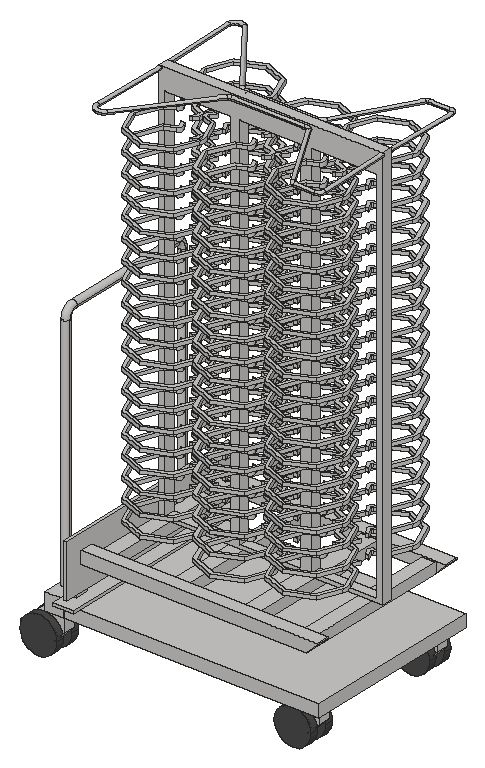
Revit family "QF_ELECTROLUXPROFESSIONAL_922764_TRBA116PL2021C", category Attrezzature speciali, Revit 2020 (continued)
Automatic sketch dimensions
  Extrusion 111 sketch curve to Extrusion 111 sketch curve = 2.378 mm
  Extrusion 111 sketch curve to Extrusion 111 sketch curve = 2.721 mm
  Extrusion 111 sketch curve to Extrusion 111 sketch curve = 1.609 mm
  Extrusion 111 sketch curve to plane 223 = 0.677 mm
  Extrusion 111 sketch curve to plane 224 = 81.177 mm
  Extrusion 111 sketch curve to Extrusion 111 sketch curve = 34.52 mm
  plane 15 to Extrusion 111 sketch curve = 23.461 mm
  Extrusion 111 sketch curve to Extrusion 111 sketch curve = 0.634 mm
  plane 15 to Extrusion 111 sketch curve = 12.859 mm
  Extrusion 111 sketch curve to Extrusion 111 sketch curve = 5.47 mm  (x2)
  Extrusion 111 sketch curve to plane 24 = 44.113 mm
  Extrusion 111 sketch curve to Extrusion 111 sketch curve = 7.067 mm
  Extrusion 111 sketch curve to plane 223 = 1.889 mm
  Extrusion 111 sketch curve to Extrusion 111 sketch curve = 33.003 mm
  Extrusion 111 sketch curve to plane 223 = 16.292 mm
  Extrusion 111 sketch curve to Extrusion 111 sketch curve = 3.823 mm
  plane 223 to Extrusion 111 sketch curve = 14.321 mm
  Extrusion 111 sketch curve to Extrusion 111 sketch curve = 0.26 mm
  Extrusion 111 sketch curve to Extrusion 111 sketch curve = 0.931 mm
  Extrusion 111 sketch curve to Extrusion 111 sketch curve = 14.355 mm
  Extrusion 111 sketch curve to Extrusion 111 sketch curve = 8.956 mm
  plane 223 to Extrusion 111 sketch curve = 16.292 mm
  Extrusion 111 sketch curve to plane 15 = 12.573 mm
  Extrusion 111 sketch curve to Extrusion 111 sketch curve = 10.291 mm
  Extrusion 112 sketch curve to plane 225 = 0 mm
  plane 23 to Extrusion 112 sketch curve = 0 mm  (x2)
  Extrusion 112 sketch curve to plane 226 = 0 mm
  Extrusion 112 sketch curve to plane 226 = 1.038 mm
  Extrusion 112 sketch curve to plane 23 = 17.086 mm
  Extrusion 112 sketch curve to plane 226 = 38.719 mm
  Extrusion 112 sketch curve to Extrusion 112 sketch curve = 7.361 mm
  Extrusion 112 sketch curve to Extrusion 112 sketch curve = 9.865 mm
  Extrusion 112 sketch curve to plane 23 = 21.155 mm
  Extrusion 112 sketch curve to Extrusion 112 sketch curve = 10.657 mm
  Extrusion 112 sketch curve to Extrusion 112 sketch curve = 2.333 mm
  Extrusion 112 sketch curve to plane 23 = 28.29 mm
  Extrusion 112 sketch curve to Extrusion 112 sketch curve = 0.12 mm
  Extrusion 112 sketch curve to Extrusion 112 sketch curve = 1.997 mm
  Extrusion 112 sketch curve to Extrusion 112 sketch curve = 13.006 mm  (x2)
  plane 14 to Extrusion 112 sketch curve = 19.797 mm
  plane 6 to Extrusion 112 sketch curve = 41.061 mm
  Extrusion 112 sketch curve to Extrusion 112 sketch curve = 32.378 mm
  Extrusion 112 sketch curve to plane 225 = 0.677 mm
  plane 6 to Extrusion 112 sketch curve = 36.141 mm
  Extrusion 112 sketch curve to Extrusion 112 sketch curve = 8.823 mm  (x2)
  Extrusion 112 sketch curve to Extrusion 112 sketch curve = 12.491 mm
  plane 6 to Extrusion 112 sketch curve = 4.991 mm
  Extrusion 112 sketch curve to plane 6 = 0.685 mm
  Extrusion 112 sketch curve to plane 6 = 0.941 mm
  Extrusion 112 sketch curve to plane 23 = 16.976 mm
  plane 226 to Extrusion 112 sketch curve = 40.033 mm
  Extrusion 112 sketch curve to Extrusion 112 sketch curve = 7.129 mm
  Extrusion 112 sketch curve to Extrusion 112 sketch curve = 9.801 mm
  Extrusion 112 sketch curve to plane 23 = 21.716 mm
  Extrusion 112 sketch curve to Extrusion 112 sketch curve = 10.269 mm
  Extrusion 112 sketch curve to plane 23 = 28.819 mm
  Extrusion 112 sketch curve to Extrusion 112 sketch curve = 2.378 mm
  Extrusion 112 sketch curve to Extrusion 112 sketch curve = 2.721 mm
  Extrusion 112 sketch curve to Extrusion 112 sketch curve = 1.609 mm
  plane 225 to Extrusion 112 sketch curve = 0.677 mm
  plane 226 to Extrusion 112 sketch curve = 81.177 mm
  Extrusion 112 sketch curve to Extrusion 112 sketch curve = 34.52 mm
  plane 14 to Extrusion 112 sketch curve = 23.461 mm
  Extrusion 112 sketch curve to Extrusion 112 sketch curve = 0.634 mm
  plane 14 to Extrusion 112 sketch curve = 12.859 mm
  Extrusion 112 sketch curve to Extrusion 112 sketch curve = 5.47 mm  (x2)
  Extrusion 112 sketch curve to plane 23 = 44.113 mm
  Extrusion 112 sketch curve to Extrusion 112 sketch curve = 7.067 mm
  plane 225 to Extrusion 112 sketch curve = 1.889 mm
  Extrusion 112 sketch curve to Extrusion 112 sketch curve = 33.003 mm
  plane 225 to Extrusion 112 sketch curve = 16.292 mm
  Extrusion 112 sketch curve to Extrusion 112 sketch curve = 3.823 mm
  Extrusion 112 sketch curve to plane 225 = 14.321 mm
  Extrusion 112 sketch curve to Extrusion 112 sketch curve = 0.26 mm
  Extrusion 112 sketch curve to Extrusion 112 sketch curve = 0.931 mm
  Extrusion 112 sketch curve to Extrusion 112 sketch curve = 14.355 mm
  Extrusion 112 sketch curve to Extrusion 112 sketch curve = 8.956 mm
  Extrusion 112 sketch curve to plane 225 = 16.292 mm
  Extrusion 112 sketch curve to plane 14 = 12.573 mm
  Extrusion 112 sketch curve to Extrusion 112 sketch curve = 10.291 mm
  Extrusion 113 sketch curve to plane 227 = 0 mm
  plane 24 to Extrusion 113 sketch curve = 0 mm  (x2)
  Extrusion 113 sketch curve to plane 228 = 0 mm
  plane 228 to Extrusion 113 sketch curve = 1.038 mm
  Extrusion 113 sketch curve to plane 24 = 17.086 mm
  plane 228 to Extrusion 113 sketch curve = 38.719 mm
  Extrusion 113 sketch curve to Extrusion 113 sketch curve = 7.361 mm
  Extrusion 113 sketch curve to Extrusion 113 sketch curve = 9.865 mm
  Extrusion 113 sketch curve to plane 24 = 21.155 mm
  Extrusion 113 sketch curve to Extrusion 113 sketch curve = 10.657 mm
  Extrusion 113 sketch curve to Extrusion 113 sketch curve = 2.333 mm
  Extrusion 113 sketch curve to plane 24 = 28.29 mm
  Extrusion 113 sketch curve to Extrusion 113 sketch curve = 0.12 mm
  Extrusion 113 sketch curve to Extrusion 113 sketch curve = 1.997 mm
  Extrusion 113 sketch curve to Extrusion 113 sketch curve = 13.006 mm  (x2)
  plane 15 to Extrusion 113 sketch curve = 19.797 mm
  Extrusion 113 sketch curve to plane 6 = 41.061 mm
  Extrusion 113 sketch curve to Extrusion 113 sketch curve = 32.378 mm
  plane 227 to Extrusion 113 sketch curve = 0.677 mm
  Extrusion 113 sketch curve to plane 6 = 36.141 mm
  Extrusion 113 sketch curve to Extrusion 113 sketch curve = 8.823 mm  (x2)
  Extrusion 113 sketch curve to Extrusion 113 sketch curve = 12.491 mm
  Extrusion 113 sketch curve to plane 6 = 4.991 mm
  plane 6 to Extrusion 113 sketch curve = 0.685 mm
  plane 6 to Extrusion 113 sketch curve = 0.941 mm
  Extrusion 113 sketch curve to plane 24 = 16.976 mm
  Extrusion 113 sketch curve to plane 228 = 40.033 mm
  Extrusion 113 sketch curve to Extrusion 113 sketch curve = 7.129 mm
  Extrusion 113 sketch curve to Extrusion 113 sketch curve = 9.801 mm
  Extrusion 113 sketch curve to plane 24 = 21.716 mm
  Extrusion 113 sketch curve to Extrusion 113 sketch curve = 10.269 mm
  Extrusion 113 sketch curve to plane 24 = 28.819 mm
  Extrusion 113 sketch curve to Extrusion 113 sketch curve = 2.378 mm
  Extrusion 113 sketch curve to Extrusion 113 sketch curve = 2.721 mm
  Extrusion 113 sketch curve to Extrusion 113 sketch curve = 1.609 mm
  Extrusion 113 sketch curve to plane 227 = 0.677 mm
  Extrusion 113 sketch curve to plane 228 = 81.177 mm
  Extrusion 113 sketch curve to Extrusion 113 sketch curve = 34.52 mm
  plane 15 to Extrusion 113 sketch curve = 23.461 mm
  Extrusion 113 sketch curve to Extrusion 113 sketch curve = 0.634 mm
  plane 15 to Extrusion 113 sketch curve = 12.859 mm
  Extrusion 113 sketch curve to Extrusion 113 sketch curve = 5.47 mm  (x2)
  Extrusion 113 sketch curve to plane 24 = 44.113 mm
  Extrusion 113 sketch curve to Extrusion 113 sketch curve = 7.067 mm
  Extrusion 113 sketch curve to plane 227 = 1.889 mm
  Extrusion 113 sketch curve to Extrusion 113 sketch curve = 33.003 mm
  Extrusion 113 sketch curve to plane 227 = 16.292 mm
  Extrusion 113 sketch curve to Extrusion 113 sketch curve = 3.823 mm
  plane 227 to Extrusion 113 sketch curve = 14.321 mm
  Extrusion 113 sketch curve to Extrusion 113 sketch curve = 0.26 mm
  Extrusion 113 sketch curve to Extrusion 113 sketch curve = 0.931 mm
  Extrusion 113 sketch curve to Extrusion 113 sketch curve = 14.355 mm
  Extrusion 113 sketch curve to Extrusion 113 sketch curve = 8.956 mm
  plane 227 to Extrusion 113 sketch curve = 16.292 mm
  Extrusion 113 sketch curve to plane 15 = 12.573 mm
  Extrusion 113 sketch curve to Extrusion 113 sketch curve = 10.291 mm
  Extrusion 114 sketch curve to plane 229 = 0 mm
  plane 23 to Extrusion 114 sketch curve = 0 mm  (x2)
  Extrusion 114 sketch curve to plane 230 = 0 mm
  Extrusion 114 sketch curve to plane 230 = 1.038 mm
  Extrusion 114 sketch curve to plane 23 = 17.086 mm
  Extrusion 114 sketch curve to plane 230 = 38.719 mm
  Extrusion 114 sketch curve to Extrusion 114 sketch curve = 7.361 mm
  Extrusion 114 sketch curve to Extrusion 114 sketch curve = 9.865 mm
  Extrusion 114 sketch curve to plane 23 = 21.155 mm
  Extrusion 114 sketch curve to Extrusion 114 sketch curve = 10.657 mm
  Extrusion 114 sketch curve to Extrusion 114 sketch curve = 2.333 mm
  Extrusion 114 sketch curve to plane 23 = 28.29 mm
  Extrusion 114 sketch curve to Extrusion 114 sketch curve = 0.12 mm
  Extrusion 114 sketch curve to Extrusion 114 sketch curve = 1.997 mm
  Extrusion 114 sketch curve to Extrusion 114 sketch curve = 13.006 mm  (x2)
  plane 14 to Extrusion 114 sketch curve = 19.797 mm
  plane 6 to Extrusion 114 sketch curve = 41.061 mm
  Extrusion 114 sketch curve to Extrusion 114 sketch curve = 32.378 mm
  Extrusion 114 sketch curve to plane 229 = 0.677 mm
  plane 6 to Extrusion 114 sketch curve = 36.141 mm
  Extrusion 114 sketch curve to Extrusion 114 sketch curve = 8.823 mm  (x2)
  Extrusion 114 sketch curve to Extrusion 114 sketch curve = 12.491 mm
  plane 6 to Extrusion 114 sketch curve = 4.991 mm
  Extrusion 114 sketch curve to plane 6 = 0.685 mm
  Extrusion 114 sketch curve to plane 6 = 0.941 mm
  Extrusion 114 sketch curve to plane 23 = 16.976 mm
  plane 230 to Extrusion 114 sketch curve = 40.033 mm
  Extrusion 114 sketch curve to Extrusion 114 sketch curve = 7.129 mm
  Extrusion 114 sketch curve to Extrusion 114 sketch curve = 9.801 mm
  Extrusion 114 sketch curve to plane 23 = 21.716 mm
  Extrusion 114 sketch curve to Extrusion 114 sketch curve = 10.269 mm
  Extrusion 114 sketch curve to plane 23 = 28.819 mm
  Extrusion 114 sketch curve to Extrusion 114 sketch curve = 2.378 mm
  Extrusion 114 sketch curve to Extrusion 114 sketch curve = 2.721 mm
  Extrusion 114 sketch curve to Extrusion 114 sketch curve = 1.609 mm
  plane 229 to Extrusion 114 sketch curve = 0.677 mm
  plane 230 to Extrusion 114 sketch curve = 81.177 mm
  Extrusion 114 sketch curve to Extrusion 114 sketch curve = 34.52 mm
  plane 14 to Extrusion 114 sketch curve = 23.461 mm
  Extrusion 114 sketch curve to Extrusion 114 sketch curve = 0.634 mm
  plane 14 to Extrusion 114 sketch curve = 12.859 mm
  Extrusion 114 sketch curve to Extrusion 114 sketch curve = 5.47 mm  (x2)
  Extrusion 114 sketch curve to plane 23 = 44.113 mm
  Extrusion 114 sketch curve to Extrusion 114 sketch curve = 7.067 mm
  plane 229 to Extrusion 114 sketch curve = 1.889 mm
  Extrusion 114 sketch curve to Extrusion 114 sketch curve = 33.003 mm
  plane 229 to Extrusion 114 sketch curve = 16.292 mm
  Extrusion 114 sketch curve to Extrusion 114 sketch curve = 3.823 mm
  Extrusion 114 sketch curve to plane 229 = 14.321 mm
  Extrusion 114 sketch curve to Extrusion 114 sketch curve = 0.26 mm
  Extrusion 114 sketch curve to Extrusion 114 sketch curve = 0.931 mm
  Extrusion 114 sketch curve to Extrusion 114 sketch curve = 14.355 mm
  Extrusion 114 sketch curve to Extrusion 114 sketch curve = 8.956 mm
  Extrusion 114 sketch curve to plane 229 = 16.292 mm
  Extrusion 114 sketch curve to plane 14 = 12.573 mm
  Extrusion 114 sketch curve to Extrusion 114 sketch curve = 10.291 mm
  Extrusion 115 sketch curve to plane 231 = 0 mm
  plane 24 to Extrusion 115 sketch curve = 0 mm  (x2)
  Extrusion 115 sketch curve to plane 232 = 0 mm
  plane 232 to Extrusion 115 sketch curve = 1.038 mm
  Extrusion 115 sketch curve to plane 24 = 17.086 mm
  plane 232 to Extrusion 115 sketch curve = 38.719 mm
  Extrusion 115 sketch curve to Extrusion 115 sketch curve = 7.361 mm
  Extrusion 115 sketch curve to Extrusion 115 sketch curve = 9.865 mm
  Extrusion 115 sketch curve to plane 24 = 21.155 mm
  Extrusion 115 sketch curve to Extrusion 115 sketch curve = 10.657 mm
  Extrusion 115 sketch curve to Extrusion 115 sketch curve = 2.333 mm
  Extrusion 115 sketch curve to plane 24 = 28.29 mm
  Extrusion 115 sketch curve to Extrusion 115 sketch curve = 0.12 mm
  Extrusion 115 sketch curve to Extrusion 115 sketch curve = 1.997 mm
  Extrusion 115 sketch curve to Extrusion 115 sketch curve = 13.006 mm  (x2)
  plane 15 to Extrusion 115 sketch curve = 19.797 mm
  Extrusion 115 sketch curve to plane 6 = 41.061 mm
  Extrusion 115 sketch curve to Extrusion 115 sketch curve = 32.378 mm
  plane 231 to Extrusion 115 sketch curve = 0.677 mm
  Extrusion 115 sketch curve to plane 6 = 36.141 mm
  Extrusion 115 sketch curve to Extrusion 115 sketch curve = 8.823 mm  (x2)
  Extrusion 115 sketch curve to Extrusion 115 sketch curve = 12.491 mm
  Extrusion 115 sketch curve to plane 6 = 4.991 mm
  plane 6 to Extrusion 115 sketch curve = 0.685 mm
  plane 6 to Extrusion 115 sketch curve = 0.941 mm
  Extrusion 115 sketch curve to plane 24 = 16.976 mm
  Extrusion 115 sketch curve to plane 232 = 40.033 mm
  Extrusion 115 sketch curve to Extrusion 115 sketch curve = 7.129 mm
  Extrusion 115 sketch curve to Extrusion 115 sketch curve = 9.801 mm
  Extrusion 115 sketch curve to plane 24 = 21.716 mm
  Extrusion 115 sketch curve to Extrusion 115 sketch curve = 10.269 mm
  Extrusion 115 sketch curve to plane 24 = 28.819 mm
  Extrusion 115 sketch curve to Extrusion 115 sketch curve = 2.378 mm
  Extrusion 115 sketch curve to Extrusion 115 sketch curve = 2.721 mm
  Extrusion 115 sketch curve to Extrusion 115 sketch curve = 1.609 mm
  Extrusion 115 sketch curve to plane 231 = 0.677 mm
  Extrusion 115 sketch curve to plane 232 = 81.177 mm
  Extrusion 115 sketch curve to Extrusion 115 sketch curve = 34.52 mm
  plane 15 to Extrusion 115 sketch curve = 23.461 mm
  Extrusion 115 sketch curve to Extrusion 115 sketch curve = 0.634 mm
  plane 15 to Extrusion 115 sketch curve = 12.859 mm
  Extrusion 115 sketch curve to Extrusion 115 sketch curve = 5.47 mm  (x2)
  Extrusion 115 sketch curve to plane 24 = 44.113 mm
  Extrusion 115 sketch curve to Extrusion 115 sketch curve = 7.067 mm
  Extrusion 115 sketch curve to plane 231 = 1.889 mm
  Extrusion 115 sketch curve to Extrusion 115 sketch curve = 33.003 mm
  Extrusion 115 sketch curve to plane 231 = 16.292 mm
  Extrusion 115 sketch curve to Extrusion 115 sketch curve = 3.823 mm
  plane 231 to Extrusion 115 sketch curve = 14.321 mm
  Extrusion 115 sketch curve to Extrusion 115 sketch curve = 0.26 mm
  Extrusion 115 sketch curve to Extrusion 115 sketch curve = 0.931 mm
  Extrusion 115 sketch curve to Extrusion 115 sketch curve = 14.355 mm
  Extrusion 115 sketch curve to Extrusion 115 sketch curve = 8.956 mm
  plane 231 to Extrusion 115 sketch curve = 16.292 mm
  Extrusion 115 sketch curve to plane 15 = 12.573 mm
  Extrusion 115 sketch curve to Extrusion 115 sketch curve = 10.291 mm
  Extrusion 116 sketch curve to plane 233 = 0 mm
  plane 23 to Extrusion 116 sketch curve = 0 mm  (x2)
  Extrusion 116 sketch curve to plane 234 = 0 mm
  Extrusion 116 sketch curve to plane 234 = 1.038 mm
  Extrusion 116 sketch curve to plane 23 = 17.086 mm
  Extrusion 116 sketch curve to plane 234 = 38.719 mm
  Extrusion 116 sketch curve to Extrusion 116 sketch curve = 7.361 mm
  Extrusion 116 sketch curve to Extrusion 116 sketch curve = 9.865 mm
  Extrusion 116 sketch curve to plane 23 = 21.155 mm
  Extrusion 116 sketch curve to Extrusion 116 sketch curve = 10.657 mm
  Extrusion 116 sketch curve to Extrusion 116 sketch curve = 2.333 mm
  Extrusion 116 sketch curve to plane 23 = 28.29 mm
  Extrusion 116 sketch curve to Extrusion 116 sketch curve = 0.12 mm
  Extrusion 116 sketch curve to Extrusion 116 sketch curve = 1.997 mm
  Extrusion 116 sketch curve to Extrusion 116 sketch curve = 13.006 mm  (x2)
  plane 14 to Extrusion 116 sketch curve = 19.797 mm
  plane 6 to Extrusion 116 sketch curve = 41.061 mm
  Extrusion 116 sketch curve to Extrusion 116 sketch curve = 32.378 mm
  Extrusion 116 sketch curve to plane 233 = 0.677 mm
  plane 6 to Extrusion 116 sketch curve = 36.141 mm
  Extrusion 116 sketch curve to Extrusion 116 sketch curve = 8.823 mm  (x2)
  Extrusion 116 sketch curve to Extrusion 116 sketch curve = 12.491 mm
  plane 6 to Extrusion 116 sketch curve = 4.991 mm
  Extrusion 116 sketch curve to plane 6 = 0.685 mm
  Extrusion 116 sketch curve to plane 6 = 0.941 mm
  Extrusion 116 sketch curve to plane 23 = 16.976 mm
  plane 234 to Extrusion 116 sketch curve = 40.033 mm
  Extrusion 116 sketch curve to Extrusion 116 sketch curve = 7.129 mm
  Extrusion 116 sketch curve to Extrusion 116 sketch curve = 9.801 mm
  Extrusion 116 sketch curve to plane 23 = 21.716 mm
  Extrusion 116 sketch curve to Extrusion 116 sketch curve = 10.269 mm
  Extrusion 116 sketch curve to plane 23 = 28.819 mm
  Extrusion 116 sketch curve to Extrusion 116 sketch curve = 2.378 mm
  Extrusion 116 sketch curve to Extrusion 116 sketch curve = 2.721 mm
  Extrusion 116 sketch curve to Extrusion 116 sketch curve = 1.609 mm
  plane 233 to Extrusion 116 sketch curve = 0.677 mm
  plane 234 to Extrusion 116 sketch curve = 81.177 mm
  Extrusion 116 sketch curve to Extrusion 116 sketch curve = 34.52 mm
  plane 14 to Extrusion 116 sketch curve = 23.461 mm
  Extrusion 116 sketch curve to Extrusion 116 sketch curve = 0.634 mm
  plane 14 to Extrusion 116 sketch curve = 12.859 mm
  Extrusion 116 sketch curve to Extrusion 116 sketch curve = 5.47 mm  (x2)
  Extrusion 116 sketch curve to plane 23 = 44.113 mm
  Extrusion 116 sketch curve to Extrusion 116 sketch curve = 7.067 mm
  plane 233 to Extrusion 116 sketch curve = 1.889 mm
  Extrusion 116 sketch curve to Extrusion 116 sketch curve = 33.003 mm
  plane 233 to Extrusion 116 sketch curve = 16.292 mm
  Extrusion 116 sketch curve to Extrusion 116 sketch curve = 3.823 mm
  Extrusion 116 sketch curve to plane 233 = 14.321 mm
  Extrusion 116 sketch curve to Extrusion 116 sketch curve = 0.26 mm
  Extrusion 116 sketch curve to Extrusion 116 sketch curve = 0.931 mm
  Extrusion 116 sketch curve to Extrusion 116 sketch curve = 14.355 mm
  Extrusion 116 sketch curve to Extrusion 116 sketch curve = 8.956 mm
  Extrusion 116 sketch curve to plane 233 = 16.292 mm
  Extrusion 116 sketch curve to plane 14 = 12.573 mm
  Extrusion 116 sketch curve to Extrusion 116 sketch curve = 10.291 mm
  Extrusion 117 sketch curve to plane 235 = 0 mm
  plane 24 to Extrusion 117 sketch curve = 0 mm  (x2)
  Extrusion 117 sketch curve to plane 236 = 0 mm
  plane 236 to Extrusion 117 sketch curve = 1.038 mm
  Extrusion 117 sketch curve to plane 24 = 17.086 mm
  plane 236 to Extrusion 117 sketch curve = 38.719 mm
  Extrusion 117 sketch curve to Extrusion 117 sketch curve = 7.361 mm
  Extrusion 117 sketch curve to Extrusion 117 sketch curve = 9.865 mm
  Extrusion 117 sketch curve to plane 24 = 21.155 mm
  Extrusion 117 sketch curve to Extrusion 117 sketch curve = 10.657 mm
  Extrusion 117 sketch curve to Extrusion 117 sketch curve = 2.333 mm
  Extrusion 117 sketch curve to plane 24 = 28.29 mm
  Extrusion 117 sketch curve to Extrusion 117 sketch curve = 0.12 mm
  Extrusion 117 sketch curve to Extrusion 117 sketch curve = 1.997 mm
  Extrusion 117 sketch curve to Extrusion 117 sketch curve = 13.006 mm  (x2)
  plane 15 to Extrusion 117 sketch curve = 19.797 mm
  Extrusion 117 sketch curve to plane 6 = 41.061 mm
  Extrusion 117 sketch curve to Extrusion 117 sketch curve = 32.378 mm
  plane 235 to Extrusion 117 sketch curve = 0.677 mm
  Extrusion 117 sketch curve to plane 6 = 36.141 mm
  Extrusion 117 sketch curve to Extrusion 117 sketch curve = 8.823 mm  (x2)
  Extrusion 117 sketch curve to Extrusion 117 sketch curve = 12.491 mm
  Extrusion 117 sketch curve to plane 6 = 4.991 mm
  plane 6 to Extrusion 117 sketch curve = 0.685 mm
  plane 6 to Extrusion 117 sketch curve = 0.941 mm
  Extrusion 117 sketch curve to plane 24 = 16.976 mm
  Extrusion 117 sketch curve to plane 236 = 40.033 mm
  Extrusion 117 sketch curve to Extrusion 117 sketch curve = 7.129 mm
  Extrusion 117 sketch curve to Extrusion 117 sketch curve = 9.801 mm
  Extrusion 117 sketch curve to plane 24 = 21.716 mm
  Extrusion 117 sketch curve to Extrusion 117 sketch curve = 10.269 mm
  Extrusion 117 sketch curve to plane 24 = 28.819 mm
  Extrusion 117 sketch curve to Extrusion 117 sketch curve = 2.378 mm
  Extrusion 117 sketch curve to Extrusion 117 sketch curve = 2.721 mm
  Extrusion 117 sketch curve to Extrusion 117 sketch curve = 1.609 mm
  Extrusion 117 sketch curve to plane 235 = 0.677 mm
  Extrusion 117 sketch curve to plane 236 = 81.177 mm
  Extrusion 117 sketch curve to Extrusion 117 sketch curve = 34.52 mm
  plane 15 to Extrusion 117 sketch curve = 23.461 mm
  Extrusion 117 sketch curve to Extrusion 117 sketch curve = 0.634 mm
  plane 15 to Extrusion 117 sketch curve = 12.859 mm
  Extrusion 117 sketch curve to Extrusion 117 sketch curve = 5.47 mm  (x2)
  Extrusion 117 sketch curve to plane 24 = 44.113 mm
  Extrusion 117 sketch curve to Extrusion 117 sketch curve = 7.067 mm
  Extrusion 117 sketch curve to plane 235 = 1.889 mm
  Extrusion 117 sketch curve to Extrusion 117 sketch curve = 33.003 mm
  Extrusion 117 sketch curve to plane 235 = 16.292 mm
  Extrusion 117 sketch curve to Extrusion 117 sketch curve = 3.823 mm
  plane 235 to Extrusion 117 sketch curve = 14.321 mm
  Extrusion 117 sketch curve to Extrusion 117 sketch curve = 0.26 mm
  Extrusion 117 sketch curve to Extrusion 117 sketch curve = 0.931 mm
  Extrusion 117 sketch curve to Extrusion 117 sketch curve = 14.355 mm
  Extrusion 117 sketch curve to Extrusion 117 sketch curve = 8.956 mm
  plane 235 to Extrusion 117 sketch curve = 16.292 mm
  Extrusion 117 sketch curve to plane 15 = 12.573 mm
  Extrusion 117 sketch curve to Extrusion 117 sketch curve = 10.291 mm
  Extrusion 118 sketch curve to plane 237 = 0 mm
  plane 23 to Extrusion 118 sketch curve = 0 mm  (x2)
  Extrusion 118 sketch curve to plane 238 = 0 mm
  Extrusion 118 sketch curve to plane 238 = 1.038 mm
  Extrusion 118 sketch curve to plane 23 = 17.086 mm
  Extrusion 118 sketch curve to plane 238 = 38.719 mm
  Extrusion 118 sketch curve to Extrusion 118 sketch curve = 7.361 mm
  Extrusion 118 sketch curve to Extrusion 118 sketch curve = 9.865 mm
  Extrusion 118 sketch curve to plane 23 = 21.155 mm
  Extrusion 118 sketch curve to Extrusion 118 sketch curve = 10.657 mm
  Extrusion 118 sketch curve to Extrusion 118 sketch curve = 2.333 mm
  Extrusion 118 sketch curve to plane 23 = 28.29 mm
  Extrusion 118 sketch curve to Extrusion 118 sketch curve = 0.12 mm
  Extrusion 118 sketch curve to Extrusion 118 sketch curve = 1.997 mm
  Extrusion 118 sketch curve to Extrusion 118 sketch curve = 13.006 mm  (x2)
  plane 14 to Extrusion 118 sketch curve = 19.797 mm
  plane 6 to Extrusion 118 sketch curve = 41.061 mm
  Extrusion 118 sketch curve to Extrusion 118 sketch curve = 32.378 mm
  Extrusion 118 sketch curve to plane 237 = 0.677 mm
  plane 6 to Extrusion 118 sketch curve = 36.141 mm
  Extrusion 118 sketch curve to Extrusion 118 sketch curve = 8.823 mm  (x2)
  Extrusion 118 sketch curve to Extrusion 118 sketch curve = 12.491 mm
  plane 6 to Extrusion 118 sketch curve = 4.991 mm
  Extrusion 118 sketch curve to plane 6 = 0.685 mm
  Extrusion 118 sketch curve to plane 6 = 0.941 mm
  Extrusion 118 sketch curve to plane 23 = 16.976 mm
  plane 238 to Extrusion 118 sketch curve = 40.033 mm
  Extrusion 118 sketch curve to Extrusion 118 sketch curve = 7.129 mm
  Extrusion 118 sketch curve to Extrusion 118 sketch curve = 9.801 mm
  Extrusion 118 sketch curve to plane 23 = 21.716 mm
  Extrusion 118 sketch curve to Extrusion 118 sketch curve = 10.269 mm
  Extrusion 118 sketch curve to plane 23 = 28.819 mm
  Extrusion 118 sketch curve to Extrusion 118 sketch curve = 2.378 mm
  Extrusion 118 sketch curve to Extrusion 118 sketch curve = 2.721 mm
  Extrusion 118 sketch curve to Extrusion 118 sketch curve = 1.609 mm
  plane 237 to Extrusion 118 sketch curve = 0.677 mm
  plane 238 to Extrusion 118 sketch curve = 81.177 mm
  Extrusion 118 sketch curve to Extrusion 118 sketch curve = 34.52 mm
  plane 14 to Extrusion 118 sketch curve = 23.461 mm
  Extrusion 118 sketch curve to Extrusion 118 sketch curve = 0.634 mm
  plane 14 to Extrusion 118 sketch curve = 12.859 mm
  Extrusion 118 sketch curve to Extrusion 118 sketch curve = 5.47 mm  (x2)
  Extrusion 118 sketch curve to plane 23 = 44.113 mm
  Extrusion 118 sketch curve to Extrusion 118 sketch curve = 7.067 mm
  plane 237 to Extrusion 118 sketch curve = 1.889 mm
  Extrusion 118 sketch curve to Extrusion 118 sketch curve = 33.003 mm
  plane 237 to Extrusion 118 sketch curve = 16.292 mm
  Extrusion 118 sketch curve to Extrusion 118 sketch curve = 3.823 mm
  Extrusion 118 sketch curve to plane 237 = 14.321 mm
  Extrusion 118 sketch curve to Extrusion 118 sketch curve = 0.26 mm
  Extrusion 118 sketch curve to Extrusion 118 sketch curve = 0.931 mm
  Extrusion 118 sketch curve to Extrusion 118 sketch curve = 14.355 mm
  Extrusion 118 sketch curve to Extrusion 118 sketch curve = 8.956 mm
  Extrusion 118 sketch curve to plane 237 = 16.292 mm
  Extrusion 118 sketch curve to plane 14 = 12.573 mm
  Extrusion 118 sketch curve to Extrusion 118 sketch curve = 10.291 mm
  Extrusion 119 sketch curve to plane 239 = 0 mm
  plane 24 to Extrusion 119 sketch curve = 0 mm  (x2)
  Extrusion 119 sketch curve to plane 240 = 0 mm
  plane 240 to Extrusion 119 sketch curve = 1.038 mm
  Extrusion 119 sketch curve to plane 24 = 17.086 mm
  plane 240 to Extrusion 119 sketch curve = 38.719 mm
  Extrusion 119 sketch curve to Extrusion 119 sketch curve = 7.361 mm
  Extrusion 119 sketch curve to Extrusion 119 sketch curve = 9.865 mm
  Extrusion 119 sketch curve to plane 24 = 21.155 mm
  Extrusion 119 sketch curve to Extrusion 119 sketch curve = 10.657 mm
  Extrusion 119 sketch curve to Extrusion 119 sketch curve = 2.333 mm
  Extrusion 119 sketch curve to plane 24 = 28.29 mm
  Extrusion 119 sketch curve to Extrusion 119 sketch curve = 0.12 mm
  Extrusion 119 sketch curve to Extrusion 119 sketch curve = 1.997 mm
  Extrusion 119 sketch curve to Extrusion 119 sketch curve = 13.006 mm  (x2)
  plane 15 to Extrusion 119 sketch curve = 19.797 mm
  Extrusion 119 sketch curve to plane 6 = 41.061 mm
  Extrusion 119 sketch curve to Extrusion 119 sketch curve = 32.378 mm
  plane 239 to Extrusion 119 sketch curve = 0.677 mm
  Extrusion 119 sketch curve to plane 6 = 36.141 mm
  Extrusion 119 sketch curve to Extrusion 119 sketch curve = 8.823 mm  (x2)
  Extrusion 119 sketch curve to Extrusion 119 sketch curve = 12.491 mm
  Extrusion 119 sketch curve to plane 6 = 4.991 mm
  plane 6 to Extrusion 119 sketch curve = 0.685 mm
  plane 6 to Extrusion 119 sketch curve = 0.941 mm
  Extrusion 119 sketch curve to plane 24 = 16.976 mm
  Extrusion 119 sketch curve to plane 240 = 40.033 mm
  Extrusion 119 sketch curve to Extrusion 119 sketch curve = 7.129 mm
  Extrusion 119 sketch curve to Extrusion 119 sketch curve = 9.801 mm
  Extrusion 119 sketch curve to plane 24 = 21.716 mm
  Extrusion 119 sketch curve to Extrusion 119 sketch curve = 10.269 mm
  Extrusion 119 sketch curve to plane 24 = 28.819 mm
  Extrusion 119 sketch curve to Extrusion 119 sketch curve = 2.378 mm
  Extrusion 119 sketch curve to Extrusion 119 sketch curve = 2.721 mm
  Extrusion 119 sketch curve to Extrusion 119 sketch curve = 1.609 mm
  Extrusion 119 sketch curve to plane 239 = 0.677 mm
  Extrusion 119 sketch curve to plane 240 = 81.177 mm
  Extrusion 119 sketch curve to Extrusion 119 sketch curve = 34.52 mm
  plane 15 to Extrusion 119 sketch curve = 23.461 mm
  Extrusion 119 sketch curve to Extrusion 119 sketch curve = 0.634 mm
  plane 15 to Extrusion 119 sketch curve = 12.859 mm
  Extrusion 119 sketch curve to Extrusion 119 sketch curve = 5.47 mm  (x2)
  Extrusion 119 sketch curve to plane 24 = 44.113 mm
  Extrusion 119 sketch curve to Extrusion 119 sketch curve = 7.067 mm
  Extrusion 119 sketch curve to plane 239 = 1.889 mm
  Extrusion 119 sketch curve to Extrusion 119 sketch curve = 33.003 mm
  Extrusion 119 sketch curve to plane 239 = 16.292 mm
  Extrusion 119 sketch curve to Extrusion 119 sketch curve = 3.823 mm
  plane 239 to Extrusion 119 sketch curve = 14.321 mm
  Extrusion 119 sketch curve to Extrusion 119 sketch curve = 0.26 mm
  Extrusion 119 sketch curve to Extrusion 119 sketch curve = 0.931 mm
  Extrusion 119 sketch curve to Extrusion 119 sketch curve = 14.355 mm
  Extrusion 119 sketch curve to Extrusion 119 sketch curve = 8.956 mm
  plane 239 to Extrusion 119 sketch curve = 16.292 mm
  Extrusion 119 sketch curve to plane 15 = 12.573 mm
  Extrusion 119 sketch curve to Extrusion 119 sketch curve = 10.291 mm
  Extrusion 120 sketch curve to plane 241 = 0 mm
  plane 23 to Extrusion 120 sketch curve = 0 mm  (x2)
  Extrusion 120 sketch curve to plane 242 = 0 mm
  Extrusion 120 sketch curve to plane 242 = 1.038 mm
  Extrusion 120 sketch curve to plane 23 = 17.086 mm
  Extrusion 120 sketch curve to plane 242 = 38.719 mm
  Extrusion 120 sketch curve to Extrusion 120 sketch curve = 7.361 mm
  Extrusion 120 sketch curve to Extrusion 120 sketch curve = 9.865 mm
  Extrusion 120 sketch curve to plane 23 = 21.155 mm
  Extrusion 120 sketch curve to Extrusion 120 sketch curve = 10.657 mm
  Extrusion 120 sketch curve to Extrusion 120 sketch curve = 2.333 mm
  Extrusion 120 sketch curve to plane 23 = 28.29 mm
  Extrusion 120 sketch curve to Extrusion 120 sketch curve = 0.12 mm
  Extrusion 120 sketch curve to Extrusion 120 sketch curve = 1.997 mm
  Extrusion 120 sketch curve to Extrusion 120 sketch curve = 13.006 mm  (x2)
  plane 14 to Extrusion 120 sketch curve = 19.797 mm
  plane 6 to Extrusion 120 sketch curve = 41.061 mm
  Extrusion 120 sketch curve to Extrusion 120 sketch curve = 32.378 mm
  Extrusion 120 sketch curve to plane 241 = 0.677 mm
  plane 6 to Extrusion 120 sketch curve = 36.141 mm
  Extrusion 120 sketch curve to Extrusion 120 sketch curve = 8.823 mm  (x2)
  Extrusion 120 sketch curve to Extrusion 120 sketch curve = 12.491 mm
  plane 6 to Extrusion 120 sketch curve = 4.991 mm
  Extrusion 120 sketch curve to plane 6 = 0.685 mm
  Extrusion 120 sketch curve to plane 6 = 0.941 mm
  Extrusion 120 sketch curve to plane 23 = 16.976 mm
  plane 242 to Extrusion 120 sketch curve = 40.033 mm
  Extrusion 120 sketch curve to Extrusion 120 sketch curve = 7.129 mm
  Extrusion 120 sketch curve to Extrusion 120 sketch curve = 9.801 mm
  Extrusion 120 sketch curve to plane 23 = 21.716 mm
  Extrusion 120 sketch curve to Extrusion 120 sketch curve = 10.269 mm
  Extrusion 120 sketch curve to plane 23 = 28.819 mm
  Extrusion 120 sketch curve to Extrusion 120 sketch curve = 2.378 mm
  Extrusion 120 sketch curve to Extrusion 120 sketch curve = 2.721 mm
  Extrusion 120 sketch curve to Extrusion 120 sketch curve = 1.609 mm
  plane 241 to Extrusion 120 sketch curve = 0.677 mm
  plane 242 to Extrusion 120 sketch curve = 81.177 mm
  Extrusion 120 sketch curve to Extrusion 120 sketch curve = 34.52 mm
  plane 14 to Extrusion 120 sketch curve = 23.461 mm
  Extrusion 120 sketch curve to Extrusion 120 sketch curve = 0.634 mm
  plane 14 to Extrusion 120 sketch curve = 12.859 mm
  Extrusion 120 sketch curve to Extrusion 120 sketch curve = 5.47 mm  (x2)
  Extrusion 120 sketch curve to plane 23 = 44.113 mm
  Extrusion 120 sketch curve to Extrusion 120 sketch curve = 7.067 mm
  plane 241 to Extrusion 120 sketch curve = 1.889 mm
  Extrusion 120 sketch curve to Extrusion 120 sketch curve = 33.003 mm
  plane 241 to Extrusion 120 sketch curve = 16.292 mm
  Extrusion 120 sketch curve to Extrusion 120 sketch curve = 3.823 mm
  Extrusion 120 sketch curve to plane 241 = 14.321 mm
  Extrusion 120 sketch curve to Extrusion 120 sketch curve = 0.26 mm
  Extrusion 120 sketch curve to Extrusion 120 sketch curve = 0.931 mm
  Extrusion 120 sketch curve to Extrusion 120 sketch curve = 14.355 mm
  Extrusion 120 sketch curve to Extrusion 120 sketch curve = 8.956 mm
  Extrusion 120 sketch curve to plane 241 = 16.292 mm
  Extrusion 120 sketch curve to plane 14 = 12.573 mm
  Extrusion 120 sketch curve to Extrusion 120 sketch curve = 10.291 mm
  Extrusion 121 sketch curve to plane 243 = 0 mm
  plane 24 to Extrusion 121 sketch curve = 0 mm  (x2)
  Extrusion 121 sketch curve to plane 244 = 0 mm
  plane 244 to Extrusion 121 sketch curve = 1.038 mm
  Extrusion 121 sketch curve to plane 24 = 17.086 mm
  plane 244 to Extrusion 121 sketch curve = 38.719 mm
  Extrusion 121 sketch curve to Extrusion 121 sketch curve = 7.361 mm
  Extrusion 121 sketch curve to Extrusion 121 sketch curve = 9.865 mm
  Extrusion 121 sketch curve to plane 24 = 21.155 mm
  Extrusion 121 sketch curve to Extrusion 121 sketch curve = 10.657 mm
  Extrusion 121 sketch curve to Extrusion 121 sketch curve = 2.333 mm
  Extrusion 121 sketch curve to plane 24 = 28.29 mm
  Extrusion 121 sketch curve to Extrusion 121 sketch curve = 0.12 mm
  Extrusion 121 sketch curve to Extrusion 121 sketch curve = 1.997 mm
  Extrusion 121 sketch curve to Extrusion 121 sketch curve = 13.006 mm  (x2)
  plane 15 to Extrusion 121 sketch curve = 19.797 mm
  Extrusion 121 sketch curve to plane 6 = 41.061 mm
  Extrusion 121 sketch curve to Extrusion 121 sketch curve = 32.378 mm
  plane 243 to Extrusion 121 sketch curve = 0.677 mm
  Extrusion 121 sketch curve to plane 6 = 36.141 mm
  Extrusion 121 sketch curve to Extrusion 121 sketch curve = 8.823 mm  (x2)
  Extrusion 121 sketch curve to Extrusion 121 sketch curve = 12.491 mm
  Extrusion 121 sketch curve to plane 6 = 4.991 mm
  plane 6 to Extrusion 121 sketch curve = 0.685 mm
  plane 6 to Extrusion 121 sketch curve = 0.941 mm
  Extrusion 121 sketch curve to plane 24 = 16.976 mm
  Extrusion 121 sketch curve to plane 244 = 40.033 mm
  Extrusion 121 sketch curve to Extrusion 121 sketch curve = 7.129 mm
  Extrusion 121 sketch curve to Extrusion 121 sketch curve = 9.801 mm
  Extrusion 121 sketch curve to plane 24 = 21.716 mm
  Extrusion 121 sketch curve to Extrusion 121 sketch curve = 10.269 mm
  Extrusion 121 sketch curve to plane 24 = 28.819 mm
  Extrusion 121 sketch curve to Extrusion 121 sketch curve = 2.378 mm
  Extrusion 121 sketch curve to Extrusion 121 sketch curve = 2.721 mm
  Extrusion 121 sketch curve to Extrusion 121 sketch curve = 1.609 mm
  Extrusion 121 sketch curve to plane 243 = 0.677 mm
  Extrusion 121 sketch curve to plane 244 = 81.177 mm
  Extrusion 121 sketch curve to Extrusion 121 sketch curve = 34.52 mm
  plane 15 to Extrusion 121 sketch curve = 23.461 mm
  Extrusion 121 sketch curve to Extrusion 121 sketch curve = 0.634 mm
  plane 15 to Extrusion 121 sketch curve = 12.859 mm
  Extrusion 121 sketch curve to Extrusion 121 sketch curve = 5.47 mm  (x2)
  Extrusion 121 sketch curve to plane 24 = 44.113 mm
  Extrusion 121 sketch curve to Extrusion 121 sketch curve = 7.067 mm
  Extrusion 121 sketch curve to plane 243 = 1.889 mm
  Extrusion 121 sketch curve to Extrusion 121 sketch curve = 33.003 mm
  Extrusion 121 sketch curve to plane 243 = 16.292 mm
  Extrusion 121 sketch curve to Extrusion 121 sketch curve = 3.823 mm
  plane 243 to Extrusion 121 sketch curve = 14.321 mm
  Extrusion 121 sketch curve to Extrusion 121 sketch curve = 0.26 mm
  Extrusion 121 sketch curve to Extrusion 121 sketch curve = 0.931 mm
  Extrusion 121 sketch curve to Extrusion 121 sketch curve = 14.355 mm
  Extrusion 121 sketch curve to Extrusion 121 sketch curve = 8.956 mm
  plane 243 to Extrusion 121 sketch curve = 16.292 mm
  Extrusion 121 sketch curve to plane 15 = 12.573 mm
  Extrusion 121 sketch curve to Extrusion 121 sketch curve = 10.291 mm
  Extrusion 122 sketch curve to plane 245 = 0 mm
  plane 23 to Extrusion 122 sketch curve = 0 mm  (x2)
  Extrusion 122 sketch curve to plane 246 = 0 mm
  Extrusion 122 sketch curve to plane 246 = 1.038 mm
  Extrusion 122 sketch curve to plane 23 = 17.086 mm
  Extrusion 122 sketch curve to plane 246 = 38.719 mm
  Extrusion 122 sketch curve to Extrusion 122 sketch curve = 7.361 mm
  Extrusion 122 sketch curve to Extrusion 122 sketch curve = 9.865 mm
  Extrusion 122 sketch curve to plane 23 = 21.155 mm
  Extrusion 122 sketch curve to Extrusion 122 sketch curve = 10.657 mm
  Extrusion 122 sketch curve to Extrusion 122 sketch curve = 2.333 mm
  Extrusion 122 sketch curve to plane 23 = 28.29 mm
  Extrusion 122 sketch curve to Extrusion 122 sketch curve = 0.12 mm
  Extrusion 122 sketch curve to Extrusion 122 sketch curve = 1.997 mm
  Extrusion 122 sketch curve to Extrusion 122 sketch curve = 13.006 mm  (x2)
  plane 14 to Extrusion 122 sketch curve = 19.797 mm
  plane 6 to Extrusion 122 sketch curve = 41.061 mm
  Extrusion 122 sketch curve to Extrusion 122 sketch curve = 32.378 mm
  Extrusion 122 sketch curve to plane 245 = 0.677 mm
  plane 6 to Extrusion 122 sketch curve = 36.141 mm
  Extrusion 122 sketch curve to Extrusion 122 sketch curve = 8.823 mm  (x2)
  Extrusion 122 sketch curve to Extrusion 122 sketch curve = 12.491 mm
  plane 6 to Extrusion 122 sketch curve = 4.991 mm
  Extrusion 122 sketch curve to plane 6 = 0.685 mm
  Extrusion 122 sketch curve to plane 6 = 0.941 mm
  Extrusion 122 sketch curve to plane 23 = 16.976 mm
  plane 246 to Extrusion 122 sketch curve = 40.033 mm
  Extrusion 122 sketch curve to Extrusion 122 sketch curve = 7.129 mm
  Extrusion 122 sketch curve to Extrusion 122 sketch curve = 9.801 mm
  Extrusion 122 sketch curve to plane 23 = 21.716 mm
  Extrusion 122 sketch curve to Extrusion 122 sketch curve = 10.269 mm
  Extrusion 122 sketch curve to plane 23 = 28.819 mm
  Extrusion 122 sketch curve to Extrusion 122 sketch curve = 2.378 mm
  Extrusion 122 sketch curve to Extrusion 122 sketch curve = 2.721 mm
  Extrusion 122 sketch curve to Extrusion 122 sketch curve = 1.609 mm
  plane 245 to Extrusion 122 sketch curve = 0.677 mm
  plane 246 to Extrusion 122 sketch curve = 81.177 mm
  Extrusion 122 sketch curve to Extrusion 122 sketch curve = 34.52 mm
  plane 14 to Extrusion 122 sketch curve = 23.461 mm
  Extrusion 122 sketch curve to Extrusion 122 sketch curve = 0.634 mm
  plane 14 to Extrusion 122 sketch curve = 12.859 mm
  Extrusion 122 sketch curve to Extrusion 122 sketch curve = 5.47 mm  (x2)
  Extrusion 122 sketch curve to plane 23 = 44.113 mm
  Extrusion 122 sketch curve to Extrusion 122 sketch curve = 7.067 mm
  plane 245 to Extrusion 122 sketch curve = 1.889 mm
  Extrusion 122 sketch curve to Extrusion 122 sketch curve = 33.003 mm
  plane 245 to Extrusion 122 sketch curve = 16.292 mm
  Extrusion 122 sketch curve to Extrusion 122 sketch curve = 3.823 mm
  Extrusion 122 sketch curve to plane 245 = 14.321 mm
  Extrusion 122 sketch curve to Extrusion 122 sketch curve = 0.26 mm
  Extrusion 122 sketch curve to Extrusion 122 sketch curve = 0.931 mm
  Extrusion 122 sketch curve to Extrusion 122 sketch curve = 14.355 mm
  Extrusion 122 sketch curve to Extrusion 122 sketch curve = 8.956 mm
  Extrusion 122 sketch curve to plane 245 = 16.292 mm
  Extrusion 122 sketch curve to plane 14 = 12.573 mm
  Extrusion 122 sketch curve to Extrusion 122 sketch curve = 10.291 mm
  Extrusion 123 sketch curve to plane 247 = 0 mm
  plane 24 to Extrusion 123 sketch curve = 0 mm  (x2)
  Extrusion 123 sketch curve to plane 248 = 0 mm
  plane 248 to Extrusion 123 sketch curve = 1.038 mm
  Extrusion 123 sketch curve to plane 24 = 17.086 mm
  plane 248 to Extrusion 123 sketch curve = 38.719 mm
  Extrusion 123 sketch curve to Extrusion 123 sketch curve = 7.361 mm
  Extrusion 123 sketch curve to Extrusion 123 sketch curve = 9.865 mm
  Extrusion 123 sketch curve to plane 24 = 21.155 mm
  Extrusion 123 sketch curve to Extrusion 123 sketch curve = 10.657 mm
  Extrusion 123 sketch curve to Extrusion 123 sketch curve = 2.333 mm
  Extrusion 123 sketch curve to plane 24 = 28.29 mm
  Extrusion 123 sketch curve to Extrusion 123 sketch curve = 0.12 mm
  Extrusion 123 sketch curve to Extrusion 123 sketch curve = 1.997 mm
  Extrusion 123 sketch curve to Extrusion 123 sketch curve = 13.006 mm  (x2)
  plane 15 to Extrusion 123 sketch curve = 19.797 mm
  Extrusion 123 sketch curve to plane 6 = 41.061 mm
  Extrusion 123 sketch curve to Extrusion 123 sketch curve = 32.378 mm
  plane 247 to Extrusion 123 sketch curve = 0.677 mm
  Extrusion 123 sketch curve to plane 6 = 36.141 mm
  Extrusion 123 sketch curve to Extrusion 123 sketch curve = 8.823 mm  (x2)
  Extrusion 123 sketch curve to Extrusion 123 sketch curve = 12.491 mm
  Extrusion 123 sketch curve to plane 6 = 4.991 mm
  plane 6 to Extrusion 123 sketch curve = 0.685 mm
  plane 6 to Extrusion 123 sketch curve = 0.941 mm
  Extrusion 123 sketch curve to plane 24 = 16.976 mm
  Extrusion 123 sketch curve to plane 248 = 40.033 mm
  Extrusion 123 sketch curve to Extrusion 123 sketch curve = 7.129 mm
  Extrusion 123 sketch curve to Extrusion 123 sketch curve = 9.801 mm
  Extrusion 123 sketch curve to plane 24 = 21.716 mm
  Extrusion 123 sketch curve to Extrusion 123 sketch curve = 10.269 mm
  Extrusion 123 sketch curve to plane 24 = 28.819 mm
  Extrusion 123 sketch curve to Extrusion 123 sketch curve = 2.378 mm
  Extrusion 123 sketch curve to Extrusion 123 sketch curve = 2.721 mm
  Extrusion 123 sketch curve to Extrusion 123 sketch curve = 1.609 mm
  Extrusion 123 sketch curve to plane 247 = 0.677 mm
  Extrusion 123 sketch curve to plane 248 = 81.177 mm
  Extrusion 123 sketch curve to Extrusion 123 sketch curve = 34.52 mm
  plane 15 to Extrusion 123 sketch curve = 23.461 mm
  Extrusion 123 sketch curve to Extrusion 123 sketch curve = 0.634 mm
  plane 15 to Extrusion 123 sketch curve = 12.859 mm
  Extrusion 123 sketch curve to Extrusion 123 sketch curve = 5.47 mm  (x2)
  Extrusion 123 sketch curve to plane 24 = 44.113 mm
  Extrusion 123 sketch curve to Extrusion 123 sketch curve = 7.067 mm
  Extrusion 123 sketch curve to plane 247 = 1.889 mm
  Extrusion 123 sketch curve to Extrusion 123 sketch curve = 33.003 mm
  Extrusion 123 sketch curve to plane 247 = 16.292 mm
  Extrusion 123 sketch curve to Extrusion 123 sketch curve = 3.823 mm
  plane 247 to Extrusion 123 sketch curve = 14.321 mm
  Extrusion 123 sketch curve to Extrusion 123 sketch curve = 0.26 mm
  Extrusion 123 sketch curve to Extrusion 123 sketch curve = 0.931 mm
  Extrusion 123 sketch curve to Extrusion 123 sketch curve = 14.355 mm
  Extrusion 123 sketch curve to Extrusion 123 sketch curve = 8.956 mm
  plane 247 to Extrusion 123 sketch curve = 16.292 mm
  Extrusion 123 sketch curve to plane 15 = 12.573 mm
  Extrusion 123 sketch curve to Extrusion 123 sketch curve = 10.291 mm
  Extrusion 124 sketch curve to plane 249 = 0 mm
  plane 23 to Extrusion 124 sketch curve = 0 mm  (x2)
  Extrusion 124 sketch curve to plane 250 = 0 mm
  Extrusion 124 sketch curve to plane 250 = 1.038 mm
  Extrusion 124 sketch curve to plane 23 = 17.086 mm
  Extrusion 124 sketch curve to plane 250 = 38.719 mm
  Extrusion 124 sketch curve to Extrusion 124 sketch curve = 7.361 mm
  Extrusion 124 sketch curve to Extrusion 124 sketch curve = 9.865 mm
  Extrusion 124 sketch curve to plane 23 = 21.155 mm
  Extrusion 124 sketch curve to Extrusion 124 sketch curve = 10.657 mm
  Extrusion 124 sketch curve to Extrusion 124 sketch curve = 2.333 mm
  Extrusion 124 sketch curve to plane 23 = 28.29 mm
  Extrusion 124 sketch curve to Extrusion 124 sketch curve = 0.12 mm
  Extrusion 124 sketch curve to Extrusion 124 sketch curve = 1.997 mm
  Extrusion 124 sketch curve to Extrusion 124 sketch curve = 13.006 mm  (x2)
  plane 14 to Extrusion 124 sketch curve = 19.797 mm
  plane 6 to Extrusion 124 sketch curve = 41.061 mm
  Extrusion 124 sketch curve to Extrusion 124 sketch curve = 32.378 mm
  Extrusion 124 sketch curve to plane 249 = 0.677 mm
  plane 6 to Extrusion 124 sketch curve = 36.141 mm
  Extrusion 124 sketch curve to Extrusion 124 sketch curve = 8.823 mm  (x2)
  Extrusion 124 sketch curve to Extrusion 124 sketch curve = 12.491 mm
  plane 6 to Extrusion 124 sketch curve = 4.991 mm
  Extrusion 124 sketch curve to plane 6 = 0.685 mm
  Extrusion 124 sketch curve to plane 6 = 0.941 mm
  Extrusion 124 sketch curve to plane 23 = 16.976 mm
  plane 250 to Extrusion 124 sketch curve = 40.033 mm
  Extrusion 124 sketch curve to Extrusion 124 sketch curve = 7.129 mm
  Extrusion 124 sketch curve to Extrusion 124 sketch curve = 9.801 mm
  Extrusion 124 sketch curve to plane 23 = 21.716 mm
  Extrusion 124 sketch curve to Extrusion 124 sketch curve = 10.269 mm
  Extrusion 124 sketch curve to plane 23 = 28.819 mm
  Extrusion 124 sketch curve to Extrusion 124 sketch curve = 2.378 mm
  Extrusion 124 sketch curve to Extrusion 124 sketch curve = 2.721 mm
  Extrusion 124 sketch curve to Extrusion 124 sketch curve = 1.609 mm
  plane 249 to Extrusion 124 sketch curve = 0.677 mm
  plane 250 to Extrusion 124 sketch curve = 81.177 mm
  Extrusion 124 sketch curve to Extrusion 124 sketch curve = 34.52 mm
  plane 14 to Extrusion 124 sketch curve = 23.461 mm
  Extrusion 124 sketch curve to Extrusion 124 sketch curve = 0.634 mm
  plane 14 to Extrusion 124 sketch curve = 12.859 mm
  Extrusion 124 sketch curve to Extrusion 124 sketch curve = 5.47 mm  (x2)
  Extrusion 124 sketch curve to plane 23 = 44.113 mm
  Extrusion 124 sketch curve to Extrusion 124 sketch curve = 7.067 mm
  plane 249 to Extrusion 124 sketch curve = 1.889 mm
  Extrusion 124 sketch curve to Extrusion 124 sketch curve = 33.003 mm
  plane 249 to Extrusion 124 sketch curve = 16.292 mm
  Extrusion 124 sketch curve to Extrusion 124 sketch curve = 3.823 mm
  Extrusion 124 sketch curve to plane 249 = 14.321 mm
  Extrusion 124 sketch curve to Extrusion 124 sketch curve = 0.26 mm
  Extrusion 124 sketch curve to Extrusion 124 sketch curve = 0.931 mm
  Extrusion 124 sketch curve to Extrusion 124 sketch curve = 14.355 mm
  Extrusion 124 sketch curve to Extrusion 124 sketch curve = 8.956 mm
  Extrusion 124 sketch curve to plane 249 = 16.292 mm
  Extrusion 124 sketch curve to plane 14 = 12.573 mm
  Extrusion 124 sketch curve to Extrusion 124 sketch curve = 10.291 mm
  Extrusion 125 sketch curve to plane 251 = 0 mm
  plane 24 to Extrusion 125 sketch curve = 0 mm  (x2)
  Extrusion 125 sketch curve to plane 252 = 0 mm
  plane 252 to Extrusion 125 sketch curve = 1.038 mm
  Extrusion 125 sketch curve to plane 24 = 17.086 mm
  plane 252 to Extrusion 125 sketch curve = 38.719 mm
  Extrusion 125 sketch curve to Extrusion 125 sketch curve = 7.361 mm
  Extrusion 125 sketch curve to Extrusion 125 sketch curve = 9.865 mm
  Extrusion 125 sketch curve to plane 24 = 21.155 mm
  Extrusion 125 sketch curve to Extrusion 125 sketch curve = 10.657 mm
  Extrusion 125 sketch curve to Extrusion 125 sketch curve = 2.333 mm
  Extrusion 125 sketch curve to plane 24 = 28.29 mm
  Extrusion 125 sketch curve to Extrusion 125 sketch curve = 0.12 mm
  Extrusion 125 sketch curve to Extrusion 125 sketch curve = 1.997 mm
  Extrusion 125 sketch curve to Extrusion 125 sketch curve = 13.006 mm  (x2)
  plane 15 to Extrusion 125 sketch curve = 19.797 mm
  Extrusion 125 sketch curve to plane 6 = 41.061 mm
  Extrusion 125 sketch curve to Extrusion 125 sketch curve = 32.378 mm
  plane 251 to Extrusion 125 sketch curve = 0.677 mm
  Extrusion 125 sketch curve to plane 6 = 36.141 mm
  Extrusion 125 sketch curve to Extrusion 125 sketch curve = 8.823 mm  (x2)
  Extrusion 125 sketch curve to Extrusion 125 sketch curve = 12.491 mm
  Extrusion 125 sketch curve to plane 6 = 4.991 mm
  plane 6 to Extrusion 125 sketch curve = 0.685 mm
  plane 6 to Extrusion 125 sketch curve = 0.941 mm
  Extrusion 125 sketch curve to plane 24 = 16.976 mm
  Extrusion 125 sketch curve to plane 252 = 40.033 mm
  Extrusion 125 sketch curve to Extrusion 125 sketch curve = 7.129 mm
  Extrusion 125 sketch curve to Extrusion 125 sketch curve = 9.801 mm
  Extrusion 125 sketch curve to plane 24 = 21.716 mm
  Extrusion 125 sketch curve to Extrusion 125 sketch curve = 10.269 mm
  Extrusion 125 sketch curve to plane 24 = 28.819 mm
  Extrusion 125 sketch curve to Extrusion 125 sketch curve = 2.378 mm
  Extrusion 125 sketch curve to Extrusion 125 sketch curve = 2.721 mm
  Extrusion 125 sketch curve to Extrusion 125 sketch curve = 1.609 mm
  Extrusion 125 sketch curve to plane 251 = 0.677 mm
  Extrusion 125 sketch curve to plane 252 = 81.177 mm
  Extrusion 125 sketch curve to Extrusion 125 sketch curve = 34.52 mm
  plane 15 to Extrusion 125 sketch curve = 23.461 mm
  Extrusion 125 sketch curve to Extrusion 125 sketch curve = 0.634 mm
  plane 15 to Extrusion 125 sketch curve = 12.859 mm
  Extrusion 125 sketch curve to Extrusion 125 sketch curve = 5.47 mm  (x2)
  Extrusion 125 sketch curve to plane 24 = 44.113 mm
  Extrusion 125 sketch curve to Extrusion 125 sketch curve = 7.067 mm
  Extrusion 125 sketch curve to plane 251 = 1.889 mm
  Extrusion 125 sketch curve to Extrusion 125 sketch curve = 33.003 mm
  Extrusion 125 sketch curve to plane 251 = 16.292 mm
  Extrusion 125 sketch curve to Extrusion 125 sketch curve = 3.823 mm
  plane 251 to Extrusion 125 sketch curve = 14.321 mm
  Extrusion 125 sketch curve to Extrusion 125 sketch curve = 0.26 mm
  Extrusion 125 sketch curve to Extrusion 125 sketch curve = 0.931 mm
  Extrusion 125 sketch curve to Extrusion 125 sketch curve = 14.355 mm
  Extrusion 125 sketch curve to Extrusion 125 sketch curve = 8.956 mm
  plane 251 to Extrusion 125 sketch curve = 16.292 mm
  Extrusion 125 sketch curve to plane 15 = 12.573 mm
  Extrusion 125 sketch curve to Extrusion 125 sketch curve = 10.291 mm
  plane 23 to Sweep 126 sketch curve = 0 mm
  plane 16 to Sweep 126 sketch curve = 7.034 mm
  plane 22 to Sweep 126 sketch curve = 114.679 mm
  plane 16 to Sweep 126 sketch curve = 6.615 mm
  Sweep 126 sketch curve to Sweep 126 sketch curve = 23.996 mm
  Sweep 126 sketch curve to plane 16 = 7.983 mm
  Sweep 126 sketch curve to plane 6 = 22.155 mm
  Sweep 126 sketch curve to plane 6 = 6.279 mm
  Sweep 126 sketch curve to plane 23 = 8.089 mm
  Sweep 126 sketch curve to plane 21 = 212.071 mm
  Sweep 126 sketch curve to plane 23 = 18.089 mm
  Sweep 126 sketch curve to Sweep 126 sketch curve = 17.321 mm
  plane 16 to Sweep 126 sketch curve = 6.875 mm
  Sweep 126 sketch curve to plane 21 = 54.722 mm
  Sweep 126 sketch curve to plane 16 = 0.625 mm
  Sweep 126 sketch curve to Sweep 126 sketch curve = 12.99 mm
  plane 21 to Sweep 126 sketch curve = 28.493 mm
  plane 5 "RIGHT" to Sweep 126 sketch curve = 14.779 mm
  Sweep 126 sketch curve to Sweep 126 sketch curve = 7.835 mm
  plane 16 to Sweep 126 sketch curve = 14.673 mm
  Sweep 126 sketch curve to plane 23 = 0 mm
  plane 22 to Sweep 126 sketch curve = 119.226 mm
  plane 5 "RIGHT" to Sweep 126 sketch curve = 19.797 mm
  Sweep 126 sketch curve to profile plane = 0 mm
  profile plane to Sweep 126 sketch curve = 0 mm
  plane 24 to Sweep 127 sketch curve = 0 mm  (x2)
  Sweep 127 sketch curve to plane 17 = 7.034 mm
  plane 22 to Sweep 127 sketch curve = 114.679 mm
  Sweep 127 sketch curve to plane 17 = 6.615 mm
  Sweep 127 sketch curve to Sweep 127 sketch curve = 23.996 mm
  plane 17 to Sweep 127 sketch curve = 7.983 mm
  Sweep 127 sketch curve to plane 6 = 22.155 mm
  Sweep 127 sketch curve to plane 6 = 6.279 mm
  plane 24 to Sweep 127 sketch curve = 8.089 mm
  Sweep 127 sketch curve to plane 21 = 212.071 mm
  plane 24 to Sweep 127 sketch curve = 18.089 mm
  Sweep 127 sketch curve to Sweep 127 sketch curve = 17.321 mm
  Sweep 127 sketch curve to plane 17 = 6.875 mm
  Sweep 127 sketch curve to plane 21 = 54.722 mm
  plane 17 to Sweep 127 sketch curve = 0.625 mm
  Sweep 127 sketch curve to Sweep 127 sketch curve = 12.99 mm
  plane 21 to Sweep 127 sketch curve = 28.493 mm
  plane 5 "RIGHT" to Sweep 127 sketch curve = 14.779 mm
  Sweep 127 sketch curve to Sweep 127 sketch curve = 15 mm
  Sweep 127 sketch curve to Sweep 127 sketch curve = 20 mm
  plane 22 to Sweep 127 sketch curve = 119.226 mm
  plane 5 "RIGHT" to Sweep 127 sketch curve = 19.797 mm
  Sweep 127 sketch curve to profile plane = 0 mm  (x2)
  radius of Sweep 9 sketch curve = 12.5 mm
  radius of Sweep 126 sketch curve = 6 mm
  radius of Sweep 127 sketch curve = 6 mm
Nested families
  nested 1: "Ruota_Oven" at (8.73, -643.5, 130) x (1, 0, 0) z (0, 0, -1), type "Ruota_Oven"
    with Break yes
  nested 2: "Ruota_Oven" at (8.73, -72.5, 130) x (1, 0, 0) z (0, 0, -1), type "Ruota_Oven"
    with Break yes
  nested 3: "Ruota_Oven" at (842.73, -107, 130) x (1, 0, 0) z (0, 0, -1), type "Ruota_Oven"
    with Break no
  nested 4: "Ruota_Oven" at (842.73, -609, 130) x (1, 0, 0) z (0, 0, -1), type "Ruota_Oven"
    with Break no
Definition of nested family "Ruota_Oven"
  Parameters (values of type "Ruota_Oven")
    Default Elevation = 1219.2 mm
    H_Joint = 17.5 mm
    D_Wheel = 25 mm
    D_Body = 38.241 mm
    Break [instance] = yes
  Reference planes
    plane 1 "Centro (Fronte/Retro)": y = 0
    plane 2: z = 0
    plane 3 "Centro (Sinistra/Destra)": x = 0
    plane 4: y = -19.121
    plane 5: y = 19.121
    plane 6: y = 44.121
    plane 7: y = -44.121
    plane 8: x = -74.513
    plane 9: x = -108.096
    plane 10: z = 17.5
    plane 11: z = 87.122
    plane 12: z = 69.582
    plane 13: z = 62.295
    plane 14: z = 67.876
  Forms (mm)
    Extrusion 1, solid
      sketch origin (0, 0, 0) x (1, 0, 0) y (0, 1, 0)
        loop
          line (-1219.2, 1219.2) -> (-1219.2, -1219.2) -> (1219.2, -1219.2) -> (1219.2, 1219.2) -> (-1219.2, 1219.2)
      from 0 to -304.8
    Extrusion 2, solid
      sketch origin (25.444, -649.117, 145.401) x (-1, 0, 0) y (0, 0, -1)
        loop
          line (99.957, 127.901) -> (50.962, 127.901) -> (50.962, 145.401) -> (-2.479, 145.401) -> (-2.479, 96.518) -> (35.759, 58.28) -> (99.957, 58.28) -> (99.957, 127.901)
      from -668.238 to -629.997
    Extrusion 3, solid
      sketch origin (-4.556, -646.617, 159.151) x (-1, 0, 0) y (0, 0, -1)
        loop
          circle (37.949, 91.276) r 62.5
      from -627.497 to -602.497
    Extrusion 4, solid
      sketch origin (-4.556, 649.621, 144.151) x (-1, 0, 0) y (0, 0, 1)
        loop
          circle (37.949, -76.276) r 62.5
      from -630.5 to -605.5
    Extrusion 5, solid, visible <- "Break"
      sketch origin (-1291.499, 281.245, -26.558) x (0, -1, 0) y (1, 0, 0)
        loop
          line (300.366, 1216.99) -> (262.125, 1216.99) -> (262.125, 1183.408) -> (250.568, 1183.408)
          arc (250.568, 1183.408) -> (281.79, 1162.444) -> (313.014, 1183.403) r 33.735
          line (313.014, 1183.403) -> (300.366, 1183.403) -> (300.366, 1216.99)
      from 88.853 to 96.139
  Dimensions and locks
    equal spacing: plane 5, plane 1 "Centro (Fronte/Retro)", plane 4
    "D_Body": plane 5 to plane 4
    "D_Wheel": plane 4 to plane 7
    "D_Wheel": plane 6 to plane 5
    locked: plane 8 to plane 3 "Centro (Sinistra/Destra)" at 74.513
    locked: plane 9 to plane 8 at 33.582
    locked: plane 11 to plane 10 at 69.622
    "H_Joint": plane 10 to plane 2
    locked: plane 12 to plane 13 at 7.286
    locked: plane 11 to plane 12 at 17.54
    locked: plane 11 to plane 14 at 19.246
    locked: Extrusion 3 sketch curve to plane 14 at 62.5
    aligned and locked: plane 2 to Extrusion 1
    aligned and locked: level to Extrusion 1
    aligned and locked: Extrusion 3 to plane 7
    aligned and locked: plane 4 to Extrusion 3
    aligned and locked: Extrusion 4 to plane 5
    aligned and locked: plane 6 to Extrusion 4
    aligned and locked: plane 5 to Extrusion 2
    aligned and locked: Extrusion 2 to plane 4
    aligned and locked: plane 5 to Extrusion 5
    aligned and locked: Extrusion 5 to plane 4
    aligned and locked: Extrusion 5 to plane 8
    aligned and locked: Extrusion 5 to plane 9  (x2)
    aligned and locked: Extrusion 2 to plane 10
    aligned and locked: plane 11 to Extrusion 2
    aligned and locked: plane 12 to Extrusion 5
    aligned and locked: Extrusion 5 to plane 13
    aligned and locked: Extrusion 2 to Extrusion 5
    aligned and locked: Extrusion 4 sketch curve to Extrusion 3
  Automatic sketch dimensions
    Extrusion 1 sketch curve to Extrusion 1 sketch curve = 2438.4 mm  (x2)
    Extrusion 2 sketch curve to level = 0 mm
    plane 3 "Centro (Sinistra/Destra)" to Extrusion 2 sketch curve = 27.923 mm
    Extrusion 2 sketch curve to plane 3 "Centro (Sinistra/Destra)" = 10.315 mm
